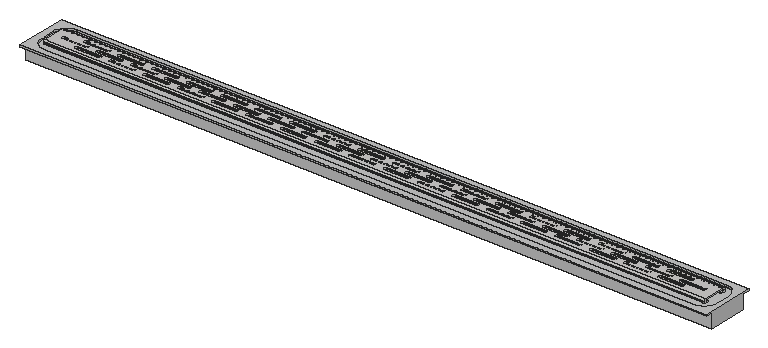
Revit family "Drain-Linear_Slotted_Noble_FreeStyle", category Plumbing Fixtures, host Face, Revit 2016
Family settings
  Host = Face
  Part Type = Normal
  Round Connector Dimension = Use Diameter
  OmniClass Number = 23.45.55.21
  OmniClass Title = Drains (Wastes)
  Cut with Voids When Loaded = No
  Shared = No
  Room Calculation Point = No
Parameters (values of type "60in PVC")
  Weight = "10 lbs"
  URL = "www.noblecompany.com"
  Type Comments = ""
  Product Properties = "http://www.noblecompany.com/Portals/0/PRODUCT%20INFO/Product%20Descriptions/FreeStyle%20Linear%20Drain%20Product%20Decription%200410.pdf"
  Product Data = "http://www.noblecompany.com/Products/ShowerProducts/tabid/59/Default.aspx"
  Plate = Stainless Steel - Brushed
  Model = "Freestyle 60 PVC - Slotted"
  Manufacturer Phone - Toll Free = "800-878-5788"
  Manufacturer Phone = "231-799-8000"
  Manufacturer Fax = "231-799-8850"
  Manufacturer Email = "mailto:sales@noblecompany.com"
  Manufacturer Address = "7300 Enterprise Drive, Spring Lake, MI  49456 USA"
  Manufacturer = "Noble Company"
  Installation-Fabrication = "http://www.noblecompany.com/Portals/0/PRODUCT%20INFO/Product%20Descriptions/FreeStyle%20Linear%20Drain%20Product%20Decription%200410.pdf"
  GPM = 0 GPM
  Description = "Freestyle 60 PVC - Slotted Linear Drain"
  Building Codes = "http://www.noblecompany.com/Portals/0/TECHNICAL%20INFO/Listing_Testing_Certification_Reports/PMG-1065%20Noble%20Company%20Linear%20Drain%20final%202.pdf"
  Base = PVC
  B = 57 3/4"
  Assembly Code = "D2030300"
  A = 60"
  Default Elevation = 0"
  D = 1 5/8"
  C = 33 3/4"
Types (14): name | Model | Description | Base | B | A | D | C
  24in ABS | "Freestyle 24 ABS - Slotted" | "Freestyle 24 ABS - Slotted Linear Drain" | ABS | 21 3/4" | 24" | 1 1/4" | 15 3/4"
  32in ABS | "Freestyle 32 ABS - Slotted" | "Freestyle 32 ABS - Slotted Linear Drain" | ABS | 29 3/4" | 32" | 1 3/8" | 19 1/2"
  36in ABS | "Freestyle 36 ABS - Slotted" | "Freestyle 36 ABS - Slotted Linear Drain" | ABS | 33 3/4" | 36" | 1 3/8" | 21 3/4"
  40in ABS | "Freestyle 40 ABS - Slotted" | "Freestyle 40 ABS - Slotted Linear Drain" | ABS | 37 3/4" | 40" | 1 7/16" | 23 3/4"
  48in ABS | "Freestyle 48 ABS - Slotted" | "Freestyle 48 ABS - Slotted Linear Drain" | ABS | 45 3/4" | 48" | 1 1/2" | 27 3/4"
  54in ABS | "Freestyle 54 ABS - Slotted" | "Freestyle 54 ABS - Slotted Linear Drain" | ABS | 51 3/4" | 54" | 1 9/16" | 30 3/4"
  60in ABS | "Freestyle 60 ABS - Slotted" | "Freestyle 60 ABS - Slotted Linear Drain" | ABS | 57 3/4" | 60" | 1 5/8" | 33 3/4"
  24in PVC | "Freestyle 24 PVC - Slotted" | "Freestyle 24 PVC - Slotted Linear Drain" | PVC | 21 3/4" | 24" | 1 1/4" | 15 3/4"
  32in PVC | "Freestyle 32 PVC - Slotted" | "Freestyle 32 PVC - Slotted Linear Drain" | PVC | 29 3/4" | 32" | 1 3/8" | 19 1/2"
  36in PVC | "Freestyle 36 PVC - Slotted" | "Freestyle 36 PVC - Slotted Linear Drain" | PVC | 33 3/4" | 36" | 1 3/8" | 21 3/4"
  40in PVC | "Freestyle 40 PVC - Slotted" | "Freestyle 40 PVC - Slotted Linear Drain" | PVC | 37 3/4" | 40" | 1 7/16" | 23 3/4"
  48in PVC | "Freestyle 48 PVC - Slotted" | "Freestyle 48 PVC - Slotted Linear Drain" | PVC | 45 3/4" | 48" | 1 1/2" | 27 3/4"
  54in PVC | "Freestyle 54 PVC - Slotted" | "Freestyle 54 PVC - Slotted Linear Drain" | PVC | 51 3/4" | 54" | 1 9/16" | 30 3/4"
  60in PVC | "Freestyle 60 PVC - Slotted" | "Freestyle 60 PVC - Slotted Linear Drain" | PVC | 57 3/4" | 60" | 1 5/8" | 33 3/4"
Reference planes (in)
  plane 1 "Center (Front/Back)": y = 0
  plane 2: z = 0
  plane 3 "Center (Left/Right)": x = 0
  plane 4: z = -1.625
  plane 5: z = -4.05899
  plane 6: z = -1.625
  plane 7: y = 1.6875
  plane 8: y = -1.6875
  plane 9: z = -0.375
  plane 10: y = 2.25
  plane 11: y = -2.25
  plane 12: z = -0.3125
  plane 13: x = 30
  plane 14: x = -30
  plane 15: x = 28.875
  plane 16: x = -3.75
  plane 17: x = -28.875
  plane 18: z = -0.125
Forms (in)
  Extrusion 1, void, detail levels medium+fine
    sketch origin (0, 0, 0) x (1, 0, 0) y (0, 1, 0)
      loop
        circle (-3.75, 0) r 1
    from -60 to 34.55449
  Extrusion 2, solid, material "PVC" <- "Base", detail levels medium+fine
    sketch origin (10.05986, 0, 0) x (0, 1, 0) y (0, 0, 1)
      loop
        line (2.25, -0.375) -> (2.25, -0.25) -> (-2.25, -0.25) -> (-2.25, -0.375) -> (-1.6875, -0.375) -> (-1.6875, -1.625) -> (1.6875, -1.625) -> (1.6875, -0.375) -> (2.25, -0.375)
    from -40.05986 to 19.94014
  Extrusion 3, void
    sketch origin (10.05986, 0, 0) x (1, 0, 0) y (0, 1, 0)
      loop
        arc (-38.37906, 1.769) -> (-39.18512, 1.43512) -> (-39.519, 0.62906) r 1.13994
        line (-39.519, 0.62906) -> (-39.519, -0.63005)
        arc (-39.519, -0.63005) -> (-39.18541, -1.43541) -> (-38.38005, -1.769) r 1.13895
        line (-38.38005, -1.769) -> (18.37931, -1.769)
        arc (18.37931, -1.769) -> (19.18519, -1.43519) -> (19.519, -0.62931) r 1.13969
        line (19.519, -0.62931) -> (19.519, 0.62118)
        arc (19.519, 0.62118) -> (19.18281, 1.43281) -> (18.37118, 1.769) r 1.14782
        line (18.37118, 1.769) -> (-38.37906, 1.769)
    from -0.375 to 0
  Extrusion 4, void
    sketch origin (0, 0, 0) x (1, 0, 0) y (0, 1, 0)
      loop
        line (29, 1.269) -> (-29, 1.269) -> (-29, -1.269) -> (29, -1.269) -> (29, 1.269)
    from -0.125 to 0
  Extrusion 5, void, detail levels fine
    sketch origin (0, 0, 0) x (0, 1, 0) y (0, 0, 1)
      loop
        line (2.25, -0.375) -> (2.25, -0.125) -> (-2.25, -0.125) -> (-2.25, -0.375) -> (-1.6875, -0.375) -> (-1.6875, -1.625) -> (1.6875, -1.625) -> (1.6875, -0.375) -> (2.25, -0.375)
    from -30 to 30
Cuts and joins
  Extrusion 1, Extrusion 3 cuts Extrusion 2
Lines and regions (in)
  model lines, detail levels coarse+medium
    curve 1: line (-3.75, 0, 0) -> (-3.75, 0, -1.625)
  model lines, style "PlumbingFixtures", detail levels coarse
    curve 2: line (-30, 2.25, 0) -> (-30, -2.25, 0)
    curve 3: line (-30, 2.25, 0) -> (30, 2.25, 0)
    curve 4: line (30, 2.25, 0) -> (30, -2.25, 0)
    curve 5: line (-30, -2.25, 0) -> (30, -2.25, 0)
    curve 6: line (30, 0, 0) -> (-30, 0, 0)
Dimensions and locks (in)
  "D": plane 2 to plane 4
  locked: plane 4 to plane 5 at 2.43399
  "D": plane 6 to level
  equal spacing: plane 7, plane 1 "Center (Front/Back)", plane 8, locked at 1.6875 each
  locked: plane 9 to level at 0.375
  plane 7 to plane 8 = 3 3/8"
  locked: plane 10 to plane 7 at 0.5625
  locked: plane 8 to plane 11 at 0.5625
  "A": plane 14 to plane 13
  locked: plane 15 to plane 13 at 1.125
  "C": plane 16 to plane 13
  locked: plane 14 to plane 17 at 1.125
  locked: Extrusion 3 sketch curve to plane 13 at 0.42114
  locked: plane 14 to Extrusion 3 sketch curve at 0.54086
  equal spacing: plane 14, plane 3 "Center (Left/Right)", plane 13
  locked: plane 9 to plane 12 at 0.0625
  locked: level to plane 18 at 0.125
  level to Extrusion 2 sketch curve = 1/4"
  locked: plane 15 to Extrusion 4 sketch curve at 0.125
  locked: Extrusion 4 sketch curve to plane 17 at 0.125
  radius of Extrusion 1 sketch curve = 1"
  aligned and locked: plane 2 to host face
  aligned and locked: level to host face
  aligned and locked: plane 1 "Center (Front/Back)" to Extrusion 1 sketch curve
  aligned and locked: plane 13 to Extrusion 2
  aligned and locked: plane 16 to Extrusion 1 sketch curve
  aligned and locked: plane 10 to Extrusion 5 sketch curve
  aligned and locked: plane 9 to Extrusion 5 sketch curve
  aligned and locked: plane 7 to Extrusion 5 sketch curve
  aligned and locked: plane 4 to Extrusion 5 sketch curve
  aligned and locked: plane 11 to Extrusion 5 sketch curve
  aligned and locked: Extrusion 5 sketch curve to plane 8
  aligned and locked: Extrusion 5 to plane 14
  aligned and locked: plane 13 to Extrusion 5
  aligned and locked: curve 6 to plane 1 "Center (Front/Back)"
  aligned and locked: plane 14 to curve 6
  aligned and locked: plane 13 to curve 6
  aligned and locked: curve 1 to plane 16
  aligned and locked: level to curve 1
  aligned and locked: plane 6 to curve 1
  aligned and locked: Extrusion 2 to plane 14
  aligned and locked: plane 3 "Center (Left/Right)" to nested 1
  aligned and locked: plane 1 "Center (Front/Back)" to nested 1
  aligned and locked: plane 12 to nested 1
  aligned and locked: plane 9 to Extrusion 3
  aligned and locked: Extrusion 4 to plane 18
  aligned and locked: level to Extrusion 4
Automatic sketch dimensions
  host sketch curve to host sketch curve = 48 1/4"
  host sketch curve to host sketch curve = 96"
  plane 9 to Extrusion 2 sketch curve = 0"  (x2)
  Extrusion 2 sketch curve to plane 11 = 0"
  Extrusion 2 sketch curve to plane 4 = 0"
  Extrusion 2 sketch curve to plane 8 = 0"
  Extrusion 2 sketch curve to plane 7 = 0"
  Extrusion 2 sketch curve to plane 10 = 0"
  Extrusion 3 sketch curve to plane 8 = 0.0815"
  plane 17 to Extrusion 3 sketch curve = 0.55481"
  Extrusion 3 sketch curve to plane 7 = 0.0815"
  plane 17 to Extrusion 3 sketch curve = 0.5558"
  Extrusion 3 sketch curve to plane 15 = 0.44396"
  Extrusion 3 sketch curve to plane 15 = 0.43583"
  curve 2 to plane 10 = 0"
  curve 5 to plane 11 = 0"
  plane 9 to Extrusion 5 sketch curve = 0"
  Extrusion 5 sketch curve to plane 18 = 0"
  plane 8 to Extrusion 4 sketch curve = 0.4185"
  plane 7 to Extrusion 4 sketch curve = 0.4185"
Nested families (in)
  nested 1: "Strainer" at (-12.24848, 0, -0.3125), type "24"", detail levels fine
    with Strainer Length 57 3/4"
Connectors (in)
  piping at (-3.75, 0, -1.625), diameter 2, driven by "GPM"
    settings: on cut or joined group of Extrusion 1, Extrusion 2, Extrusion 3, index 1, connector inside diameter 2", connector length 0", flow factor 0, pipe flow 0 GPM, pressure drop 0.00 psi, fitting loss kfactor 0, connector angle 0.00°, fixture units 0, engagement length 0", angle of deflection 0.00°, flow configuration 0, flow direction 2, fitting loss method 0, system type 16, joint type 0, gender type 0, connector reference index -1, connector utility 0, adjustable connector no, is connector primary yes, connector description ""
Definition of nested family "Strainer"
  Parameters
    Strainer Width = 2 1/4"
    Strainer Height = 5/16"
    Strainer Length = 21 3/4"
    Strainer Finish = none
  Reference planes (in)
    plane 1 "Center (Front/Back)": y = 0
    plane 2: z = 0
    plane 3 "Center (Left/Right)": x = 12.24848
    plane 4 "Left": x = 1.37348
    plane 5 "Right": x = 23.12348
    plane 6: y = 1.125
    plane 7: y = -1.125
    plane 8: x = 42.24848
    plane 9: x = -17.75152
    plane 10: z = 0.3125
  Forms (in)
    Extrusion 1, solid, material <- "Strainer Finish", detail levels medium+fine
      sketch origin (0, 0, 0) x (1, 0, 0) y (0, 1, 0)
        loop
          line (-16.62652, 1.1245) -> (-16.62652, -1.1245) -> (41.12348, -1.1245) -> (41.12348, 1.1245) -> (-16.62652, 1.1245)
        loop
          line (-14.25152, 0.36) -> (-12.25152, 0.36)
          arc (-12.25152, 0.36) -> (-12.11152, 0.5) -> (-12.25152, 0.64) r 0.14
          line (-12.25152, 0.64) -> (-14.25152, 0.64)
          arc (-14.25152, 0.64) -> (-14.39152, 0.5) -> (-14.25152, 0.36) r 0.14
        loop
          line (-13.75152, 0.14) -> (-15.75152, 0.14)
          arc (-15.75152, 0.14) -> (-15.89152, 0) -> (-15.75152, -0.14) r 0.14
          line (-15.75152, -0.14) -> (-13.75152, -0.14)
          arc (-13.75152, -0.14) -> (-13.61152, 0) -> (-13.75152, 0.14) r 0.14
        loop
          line (-14.25152, -0.64) -> (-12.25152, -0.64)
          arc (-12.25152, -0.64) -> (-12.11152, -0.5) -> (-12.25152, -0.36) r 0.14
          line (-12.25152, -0.36) -> (-14.25152, -0.36)
          arc (-14.25152, -0.36) -> (-14.39152, -0.5) -> (-14.25152, -0.64) r 0.14
        loop
          line (-12.75152, -0.14) -> (-10.75152, -0.14)
          arc (-10.75152, -0.14) -> (-10.61152, 0) -> (-10.75152, 0.14) r 0.14
          line (-10.75152, 0.14) -> (-12.75152, 0.14)
          arc (-12.75152, 0.14) -> (-12.89152, 0) -> (-12.75152, -0.14) r 0.14
        loop
          line (-11.25152, 0.36) -> (-9.25152, 0.36)
          arc (-9.25152, 0.36) -> (-9.11152, 0.5) -> (-9.25152, 0.64) r 0.14
          line (-9.25152, 0.64) -> (-11.25152, 0.64)
          arc (-11.25152, 0.64) -> (-11.39152, 0.5) -> (-11.25152, 0.36) r 0.14
        loop
          line (-11.25152, -0.64) -> (-9.25152, -0.64)
          arc (-9.25152, -0.64) -> (-9.11152, -0.5) -> (-9.25152, -0.36) r 0.14
          line (-9.25152, -0.36) -> (-11.25152, -0.36)
          arc (-11.25152, -0.36) -> (-11.39152, -0.5) -> (-11.25152, -0.64) r 0.14
        loop
          line (-9.75152, -0.14) -> (-7.75152, -0.14)
          arc (-7.75152, -0.14) -> (-7.61152, 0) -> (-7.75152, 0.14) r 0.14
          line (-7.75152, 0.14) -> (-9.75152, 0.14)
          arc (-9.75152, 0.14) -> (-9.89152, 0) -> (-9.75152, -0.14) r 0.14
        loop
          line (-8.25152, 0.36) -> (-6.25152, 0.36)
          arc (-6.25152, 0.36) -> (-6.11152, 0.5) -> (-6.25152, 0.64) r 0.14
          line (-6.25152, 0.64) -> (-8.25152, 0.64)
          arc (-8.25152, 0.64) -> (-8.39152, 0.5) -> (-8.25152, 0.36) r 0.14
        loop
          line (-8.25152, -0.64) -> (-6.25152, -0.64)
          arc (-6.25152, -0.64) -> (-6.11152, -0.5) -> (-6.25152, -0.36) r 0.14
          line (-6.25152, -0.36) -> (-8.25152, -0.36)
          arc (-8.25152, -0.36) -> (-8.39152, -0.5) -> (-8.25152, -0.64) r 0.14
        loop
          line (-6.75152, -0.14) -> (-4.75152, -0.14)
          arc (-4.75152, -0.14) -> (-4.61152, 0) -> (-4.75152, 0.14) r 0.14
          line (-4.75152, 0.14) -> (-6.75152, 0.14)
          arc (-6.75152, 0.14) -> (-6.89152, 0) -> (-6.75152, -0.14) r 0.14
        loop
          line (-5.25152, 0.36) -> (-3.25152, 0.36)
          arc (-3.25152, 0.36) -> (-3.11152, 0.5) -> (-3.25152, 0.64) r 0.14
          line (-3.25152, 0.64) -> (-5.25152, 0.64)
          arc (-5.25152, 0.64) -> (-5.39152, 0.5) -> (-5.25152, 0.36) r 0.14
        loop
          line (-5.25152, -0.64) -> (-3.25152, -0.64)
          arc (-3.25152, -0.64) -> (-3.11152, -0.5) -> (-3.25152, -0.36) r 0.14
          line (-3.25152, -0.36) -> (-5.25152, -0.36)
          arc (-5.25152, -0.36) -> (-5.39152, -0.5) -> (-5.25152, -0.64) r 0.14
        loop
          line (-3.75152, -0.14) -> (-1.75152, -0.14)
          arc (-1.75152, -0.14) -> (-1.61152, 0) -> (-1.75152, 0.14) r 0.14
          line (-1.75152, 0.14) -> (-3.75152, 0.14)
          arc (-3.75152, 0.14) -> (-3.89152, 0) -> (-3.75152, -0.14) r 0.14
        loop
          line (-2.25152, 0.36) -> (-0.25152, 0.36)
          arc (-0.25152, 0.36) -> (-0.11152, 0.5) -> (-0.25152, 0.64) r 0.14
          line (-0.25152, 0.64) -> (-2.25152, 0.64)
          arc (-2.25152, 0.64) -> (-2.39152, 0.5) -> (-2.25152, 0.36) r 0.14
        loop
          line (-2.25152, -0.64) -> (-0.25152, -0.64)
          arc (-0.25152, -0.64) -> (-0.11152, -0.5) -> (-0.25152, -0.36) r 0.14
          line (-0.25152, -0.36) -> (-2.25152, -0.36)
          arc (-2.25152, -0.36) -> (-2.39152, -0.5) -> (-2.25152, -0.64) r 0.14
        loop
          line (-0.75152, -0.14) -> (1.24848, -0.14)
          arc (1.24848, -0.14) -> (1.38848, 0) -> (1.24848, 0.14) r 0.14
          line (1.24848, 0.14) -> (-0.75152, 0.14)
          arc (-0.75152, 0.14) -> (-0.89152, 0) -> (-0.75152, -0.14) r 0.14
        loop
          line (0.74848, 0.36) -> (2.74848, 0.36)
          arc (2.74848, 0.36) -> (2.88848, 0.5) -> (2.74848, 0.64) r 0.14
          line (2.74848, 0.64) -> (0.74848, 0.64)
          arc (0.74848, 0.64) -> (0.60848, 0.5) -> (0.74848, 0.36) r 0.14
        loop
          line (0.74848, -0.64) -> (2.74848, -0.64)
          arc (2.74848, -0.64) -> (2.88848, -0.5) -> (2.74848, -0.36) r 0.14
          line (2.74848, -0.36) -> (0.74848, -0.36)
          arc (0.74848, -0.36) -> (0.60848, -0.5) -> (0.74848, -0.64) r 0.14
        loop
          line (2.24848, -0.14) -> (4.24848, -0.14)
          arc (4.24848, -0.14) -> (4.38848, 0) -> (4.24848, 0.14) r 0.14
          line (4.24848, 0.14) -> (2.24848, 0.14)
          arc (2.24848, 0.14) -> (2.10848, 0) -> (2.24848, -0.14) r 0.14
        loop
          line (3.74848, 0.36) -> (5.74848, 0.36)
          arc (5.74848, 0.36) -> (5.88848, 0.5) -> (5.74848, 0.64) r 0.14
          line (5.74848, 0.64) -> (3.74848, 0.64)
          arc (3.74848, 0.64) -> (3.60848, 0.5) -> (3.74848, 0.36) r 0.14
        loop
          line (3.74848, -0.64) -> (5.74848, -0.64)
          arc (5.74848, -0.64) -> (5.88848, -0.5) -> (5.74848, -0.36) r 0.14
          line (5.74848, -0.36) -> (3.74848, -0.36)
          arc (3.74848, -0.36) -> (3.60848, -0.5) -> (3.74848, -0.64) r 0.14
        loop
          line (5.24848, -0.14) -> (7.24848, -0.14)
          arc (7.24848, -0.14) -> (7.38848, 0) -> (7.24848, 0.14) r 0.14
          line (7.24848, 0.14) -> (5.24848, 0.14)
          arc (5.24848, 0.14) -> (5.10848, 0) -> (5.24848, -0.14) r 0.14
        loop
          line (6.74848, 0.36) -> (8.74848, 0.36)
          arc (8.74848, 0.36) -> (8.88848, 0.5) -> (8.74848, 0.64) r 0.14
          line (8.74848, 0.64) -> (6.74848, 0.64)
          arc (6.74848, 0.64) -> (6.60848, 0.5) -> (6.74848, 0.36) r 0.14
        loop
          line (6.74848, -0.64) -> (8.74848, -0.64)
          arc (8.74848, -0.64) -> (8.88848, -0.5) -> (8.74848, -0.36) r 0.14
          line (8.74848, -0.36) -> (6.74848, -0.36)
          arc (6.74848, -0.36) -> (6.60848, -0.5) -> (6.74848, -0.64) r 0.14
        loop
          line (8.24848, -0.14) -> (10.24848, -0.14)
          arc (10.24848, -0.14) -> (10.38848, 0) -> (10.24848, 0.14) r 0.14
          line (10.24848, 0.14) -> (8.24848, 0.14)
          arc (8.24848, 0.14) -> (8.10848, 0) -> (8.24848, -0.14) r 0.14
        loop
          line (9.74848, 0.36) -> (11.74848, 0.36)
          arc (11.74848, 0.36) -> (11.88848, 0.5) -> (11.74848, 0.64) r 0.14
          line (11.74848, 0.64) -> (9.74848, 0.64)
          arc (9.74848, 0.64) -> (9.60848, 0.5) -> (9.74848, 0.36) r 0.14
        loop
          line (9.74848, -0.64) -> (11.74848, -0.64)
          arc (11.74848, -0.64) -> (11.88848, -0.5) -> (11.74848, -0.36) r 0.14
          line (11.74848, -0.36) -> (9.74848, -0.36)
          arc (9.74848, -0.36) -> (9.60848, -0.5) -> (9.74848, -0.64) r 0.14
        loop
          line (11.24848, -0.14) -> (13.24848, -0.14)
          arc (13.24848, -0.14) -> (13.38848, 0) -> (13.24848, 0.14) r 0.14
          line (13.24848, 0.14) -> (11.24848, 0.14)
          arc (11.24848, 0.14) -> (11.10848, 0) -> (11.24848, -0.14) r 0.14
        loop
          line (12.74848, 0.36) -> (14.74848, 0.36)
          arc (14.74848, 0.36) -> (14.88848, 0.5) -> (14.74848, 0.64) r 0.14
          line (14.74848, 0.64) -> (12.74848, 0.64)
          arc (12.74848, 0.64) -> (12.60848, 0.5) -> (12.74848, 0.36) r 0.14
        loop
          line (12.74848, -0.64) -> (14.74848, -0.64)
          arc (14.74848, -0.64) -> (14.88848, -0.5) -> (14.74848, -0.36) r 0.14
          line (14.74848, -0.36) -> (12.74848, -0.36)
          arc (12.74848, -0.36) -> (12.60848, -0.5) -> (12.74848, -0.64) r 0.14
        loop
          line (14.24848, -0.14) -> (16.24848, -0.14)
          arc (16.24848, -0.14) -> (16.38848, 0) -> (16.24848, 0.14) r 0.14
          line (16.24848, 0.14) -> (14.24848, 0.14)
          arc (14.24848, 0.14) -> (14.10848, 0) -> (14.24848, -0.14) r 0.14
        loop
          line (15.74848, 0.36) -> (17.74848, 0.36)
          arc (17.74848, 0.36) -> (17.88848, 0.5) -> (17.74848, 0.64) r 0.14
          line (17.74848, 0.64) -> (15.74848, 0.64)
          arc (15.74848, 0.64) -> (15.60848, 0.5) -> (15.74848, 0.36) r 0.14
        loop
          line (15.74848, -0.64) -> (17.74848, -0.64)
          arc (17.74848, -0.64) -> (17.88848, -0.5) -> (17.74848, -0.36) r 0.14
          line (17.74848, -0.36) -> (15.74848, -0.36)
          arc (15.74848, -0.36) -> (15.60848, -0.5) -> (15.74848, -0.64) r 0.14
        loop
          line (17.24848, -0.14) -> (19.24848, -0.14)
          arc (19.24848, -0.14) -> (19.38848, 0) -> (19.24848, 0.14) r 0.14
          line (19.24848, 0.14) -> (17.24848, 0.14)
          arc (17.24848, 0.14) -> (17.10848, 0) -> (17.24848, -0.14) r 0.14
        loop
          line (18.74848, 0.36) -> (20.74848, 0.36)
          arc (20.74848, 0.36) -> (20.88848, 0.5) -> (20.74848, 0.64) r 0.14
          line (20.74848, 0.64) -> (18.74848, 0.64)
          arc (18.74848, 0.64) -> (18.60848, 0.5) -> (18.74848, 0.36) r 0.14
        loop
          line (18.74848, -0.64) -> (20.74848, -0.64)
          arc (20.74848, -0.64) -> (20.88848, -0.5) -> (20.74848, -0.36) r 0.14
          line (20.74848, -0.36) -> (18.74848, -0.36)
          arc (18.74848, -0.36) -> (18.60848, -0.5) -> (18.74848, -0.64) r 0.14
        loop
          line (20.24848, -0.14) -> (22.24848, -0.14)
          arc (22.24848, -0.14) -> (22.38848, 0) -> (22.24848, 0.14) r 0.14
          line (22.24848, 0.14) -> (20.24848, 0.14)
          arc (20.24848, 0.14) -> (20.10848, 0) -> (20.24848, -0.14) r 0.14
        loop
          line (21.74848, 0.36) -> (23.74848, 0.36)
          arc (23.74848, 0.36) -> (23.88848, 0.5) -> (23.74848, 0.64) r 0.14
          line (23.74848, 0.64) -> (21.74848, 0.64)
          arc (21.74848, 0.64) -> (21.60848, 0.5) -> (21.74848, 0.36) r 0.14
        loop
          line (21.74848, -0.64) -> (23.74848, -0.64)
          arc (23.74848, -0.64) -> (23.88848, -0.5) -> (23.74848, -0.36) r 0.14
          line (23.74848, -0.36) -> (21.74848, -0.36)
          arc (21.74848, -0.36) -> (21.60848, -0.5) -> (21.74848, -0.64) r 0.14
        loop
          line (23.24848, -0.14) -> (25.24848, -0.14)
          arc (25.24848, -0.14) -> (25.38848, 0) -> (25.24848, 0.14) r 0.14
          line (25.24848, 0.14) -> (23.24848, 0.14)
          arc (23.24848, 0.14) -> (23.10848, 0) -> (23.24848, -0.14) r 0.14
        loop
          line (24.74848, 0.36) -> (26.74848, 0.36)
          arc (26.74848, 0.36) -> (26.88848, 0.5) -> (26.74848, 0.64) r 0.14
          line (26.74848, 0.64) -> (24.74848, 0.64)
          arc (24.74848, 0.64) -> (24.60848, 0.5) -> (24.74848, 0.36) r 0.14
        loop
          line (24.74848, -0.64) -> (26.74848, -0.64)
          arc (26.74848, -0.64) -> (26.88848, -0.5) -> (26.74848, -0.36) r 0.14
          line (26.74848, -0.36) -> (24.74848, -0.36)
          arc (24.74848, -0.36) -> (24.60848, -0.5) -> (24.74848, -0.64) r 0.14
        loop
          line (26.24848, -0.14) -> (28.24848, -0.14)
          arc (28.24848, -0.14) -> (28.38848, 0) -> (28.24848, 0.14) r 0.14
          line (28.24848, 0.14) -> (26.24848, 0.14)
          arc (26.24848, 0.14) -> (26.10848, 0) -> (26.24848, -0.14) r 0.14
        loop
          line (27.74848, 0.36) -> (29.74848, 0.36)
          arc (29.74848, 0.36) -> (29.88848, 0.5) -> (29.74848, 0.64) r 0.14
          line (29.74848, 0.64) -> (27.74848, 0.64)
          arc (27.74848, 0.64) -> (27.60848, 0.5) -> (27.74848, 0.36) r 0.14
        loop
          line (27.74848, -0.64) -> (29.74848, -0.64)
          arc (29.74848, -0.64) -> (29.88848, -0.5) -> (29.74848, -0.36) r 0.14
          line (29.74848, -0.36) -> (27.74848, -0.36)
          arc (27.74848, -0.36) -> (27.60848, -0.5) -> (27.74848, -0.64) r 0.14
        loop
          line (29.24848, -0.14) -> (31.24848, -0.14)
          arc (31.24848, -0.14) -> (31.38848, 0) -> (31.24848, 0.14) r 0.14
          line (31.24848, 0.14) -> (29.24848, 0.14)
          arc (29.24848, 0.14) -> (29.10848, 0) -> (29.24848, -0.14) r 0.14
        loop
          line (30.74848, 0.36) -> (32.74848, 0.36)
          arc (32.74848, 0.36) -> (32.88848, 0.5) -> (32.74848, 0.64) r 0.14
          line (32.74848, 0.64) -> (30.74848, 0.64)
          arc (30.74848, 0.64) -> (30.60848, 0.5) -> (30.74848, 0.36) r 0.14
        loop
          line (30.74848, -0.64) -> (32.74848, -0.64)
          arc (32.74848, -0.64) -> (32.88848, -0.5) -> (32.74848, -0.36) r 0.14
          line (32.74848, -0.36) -> (30.74848, -0.36)
          arc (30.74848, -0.36) -> (30.60848, -0.5) -> (30.74848, -0.64) r 0.14
        loop
          line (32.24848, -0.14) -> (34.24848, -0.14)
          arc (34.24848, -0.14) -> (34.38848, 0) -> (34.24848, 0.14) r 0.14
          line (34.24848, 0.14) -> (32.24848, 0.14)
          arc (32.24848, 0.14) -> (32.10848, 0) -> (32.24848, -0.14) r 0.14
        loop
          line (33.74848, 0.36) -> (35.74848, 0.36)
          arc (35.74848, 0.36) -> (35.88848, 0.5) -> (35.74848, 0.64) r 0.14
          line (35.74848, 0.64) -> (33.74848, 0.64)
          arc (33.74848, 0.64) -> (33.60848, 0.5) -> (33.74848, 0.36) r 0.14
        loop
          line (33.74848, -0.64) -> (35.74848, -0.64)
          arc (35.74848, -0.64) -> (35.88848, -0.5) -> (35.74848, -0.36) r 0.14
          line (35.74848, -0.36) -> (33.74848, -0.36)
          arc (33.74848, -0.36) -> (33.60848, -0.5) -> (33.74848, -0.64) r 0.14
        loop
          line (35.24848, -0.14) -> (37.24848, -0.14)
          arc (37.24848, -0.14) -> (37.38848, 0) -> (37.24848, 0.14) r 0.14
          line (37.24848, 0.14) -> (35.24848, 0.14)
          arc (35.24848, 0.14) -> (35.10848, 0) -> (35.24848, -0.14) r 0.14
        loop
          line (36.74848, 0.36) -> (38.74848, 0.36)
          arc (38.74848, 0.36) -> (38.88848, 0.5) -> (38.74848, 0.64) r 0.14
          line (38.74848, 0.64) -> (36.74848, 0.64)
          arc (36.74848, 0.64) -> (36.60848, 0.5) -> (36.74848, 0.36) r 0.14
        loop
          line (36.74848, -0.64) -> (38.74848, -0.64)
          arc (38.74848, -0.64) -> (38.88848, -0.5) -> (38.74848, -0.36) r 0.14
          line (38.74848, -0.36) -> (36.74848, -0.36)
          arc (36.74848, -0.36) -> (36.60848, -0.5) -> (36.74848, -0.64) r 0.14
        loop
          line (38.24848, -0.14) -> (40.24848, -0.14)
          arc (40.24848, -0.14) -> (40.38848, 0) -> (40.24848, 0.14) r 0.14
          line (40.24848, 0.14) -> (38.24848, 0.14)
          arc (38.24848, 0.14) -> (38.10848, 0) -> (38.24848, -0.14) r 0.14
      from 0 to 0.3125
    Extrusion 2, void
      sketch origin (12.24848, 0, 0) x (0, 1, 0) y (0, 0, 1)
        loop
          line (1.1245, 0.3125) -> (0.9995, 0.3125)
          arc (0.9995, 0.3125) -> (1.08789, 0.27589) -> (1.1245, 0.1875) r 0.125
          line (1.1245, 0.1875) -> (1.1245, 0.3125)
        loop
          line (-1.1245, 0.3125) -> (-1.1245, 0.1875)
          arc (-1.1245, 0.1875) -> (-1.08789, 0.27589) -> (-0.9995, 0.3125) r 0.125
          line (-0.9995, 0.3125) -> (-1.1245, 0.3125)
        loop
          line (1.1245, 0) -> (1.1245, 0.125)
          arc (1.1245, 0.125) -> (1.08789, 0.03661) -> (0.9995, 0) r 0.125
          line (0.9995, 0) -> (1.1245, 0)
        loop
          line (-1.1245, 0) -> (-0.9995, 0)
          arc (-0.9995, 0) -> (-1.08789, 0.03661) -> (-1.1245, 0.125) r 0.125
          line (-1.1245, 0.125) -> (-1.1245, 0)
        loop
          line (-0.75, 0) -> (0.75, 0) -> (0.75, 0.0625) -> (0.9995, 0.0625)
          arc (0.9995, 0.0625) -> (1.06302, 0.15625) -> (0.9995, 0.25) r 0.10095
          line (0.9995, 0.25) -> (-0.9995, 0.25)
          arc (-0.9995, 0.25) -> (-1.06302, 0.15625) -> (-0.9995, 0.0625) r 0.10095
          line (-0.9995, 0.0625) -> (-0.75, 0.0625) -> (-0.75, 0)
      from -30 to 30
    Extrusion 3, void
      sketch origin (0, 0, 0) x (1, 0, 0) y (0, 1, 0)
        loop
          line (-17.75152, 1.25) -> (-17.75152, -1.25) -> (1.37348, -1.25) -> (1.37348, 1.25) -> (-17.75152, 1.25)
        loop
          line (23.12348, 1.25) -> (23.12348, -1.25) -> (42.24848, -1.25) -> (42.24848, 1.25) -> (23.12348, 1.25)
      from 0 to 0.3125
  Cuts and joins
    Extrusion 2, Extrusion 3 cuts Extrusion 1
  Dimensions and locks (in)
    locked: Extrusion 1 sketch curve to Extrusion 1 sketch curve at 57.75
    "Strainer Length": plane 4 "Left" to plane 5 "Right"
    equal spacing: plane 4 "Left", plane 3 "Center (Left/Right)", plane 5 "Right"
    equal spacing: plane 7, plane 1 "Center (Front/Back)", plane 6
    "Strainer Width": plane 6 to plane 7
    "Strainer Height": plane 10 to level
    Extrusion 2 to level = 5/16"
    plane 9 to plane 3 "Center (Left/Right)" to plane 8 = 30" locked, 30" locked
    Extrusion 3 sketch curve to plane 1 "Center (Front/Back)" to Extrusion 3 sketch curve = 1 1/4" locked, 1 1/4" locked  (x2)
    aligned and locked: plane 10 to Extrusion 1
    aligned and locked: Extrusion 2 to plane 9
    aligned and locked: plane 8 to Extrusion 2
    aligned and locked: plane 9 to Extrusion 3 sketch curve
    aligned and locked: Extrusion 3 sketch curve to plane 4 "Left"
    aligned and locked: Extrusion 3 sketch curve to plane 8
    aligned and locked: plane 5 "Right" to Extrusion 3 sketch curve
    aligned and locked: plane 10 to cut or joined group of Extrusion 1, Extrusion 2, Extrusion 3
  Automatic sketch dimensions
    plane 1 "Center (Front/Back)" to Extrusion 1 sketch curve = 0"  (x19)
    plane 1 "Center (Front/Back)" to Extrusion 1 sketch curve = 1.1245"
    Extrusion 1 sketch curve to plane 3 "Center (Left/Right)" = 28 7/8"
    Extrusion 1 sketch curve to Extrusion 1 sketch curve = 7/8"  (x2)
    plane 1 "Center (Front/Back)" to Extrusion 1 sketch curve = 1/2"
    Extrusion 1 sketch curve to Extrusion 1 sketch curve = 1 1/2"
    Extrusion 1 sketch curve to plane 1 "Center (Front/Back)" = 0.64"
    Extrusion 1 sketch curve to Extrusion 1 sketch curve = 0"  (x17)
    plane 1 "Center (Front/Back)" to Extrusion 1 sketch curve = 0.14"  (x4)
    Extrusion 1 sketch curve to Extrusion 1 sketch curve = 1/2"  (x52)
    Extrusion 1 sketch curve to plane 1 "Center (Front/Back)" = 0.14"  (x15)
    Extrusion 1 sketch curve to Extrusion 1 sketch curve = 1"  (x33)
    Extrusion 1 sketch curve to plane 1 "Center (Front/Back)" = 1/2"  (x8)
    plane 1 "Center (Front/Back)" to Extrusion 1 sketch curve = 0.36"  (x5)
    Extrusion 1 sketch curve to plane 3 "Center (Left/Right)" = 1"
    Extrusion 1 sketch curve to plane 3 "Center (Left/Right)" = 1/2"  (x2)
    plane 3 "Center (Left/Right)" to Extrusion 1 sketch curve = 1/2"  (x2)
    plane 1 "Center (Front/Back)" to Extrusion 1 sketch curve = 0.64"  (x12)
    Extrusion 1 sketch curve to plane 1 "Center (Front/Back)" = 0.36"  (x9)
    Extrusion 1 sketch curve to Extrusion 1 sketch curve = 0.14"  (x30)
    Extrusion 1 sketch curve to Extrusion 1 sketch curve = 0.28"  (x6)
    Extrusion 1 sketch curve to plane 1 "Center (Front/Back)" = 1.1245"
    Extrusion 2 sketch curve to plane 10 = 0"  (x2)
    Extrusion 2 sketch curve to level = 0"  (x3)
    plane 7 to Extrusion 2 sketch curve = 0.0005"  (x2)
    Extrusion 2 sketch curve to Extrusion 2 sketch curve = 1/8"  (x2)
    Extrusion 2 sketch curve to Extrusion 2 sketch curve = 0"  (x4)
    Extrusion 2 sketch curve to Extrusion 2 sketch curve = 0.03743"  (x3)
    level to Extrusion 2 sketch curve = 1/16"  (x2)
    Extrusion 2 sketch curve to Extrusion 2 sketch curve = 0.21207"
    Extrusion 2 sketch curve to plane 6 = 3/8"
    Extrusion 2 sketch curve to plane 6 = 0.16293"
    Extrusion 2 sketch curve to plane 6 = 0.0005"  (x2)
    Extrusion 2 sketch curve to Extrusion 2 sketch curve = 1/32"
